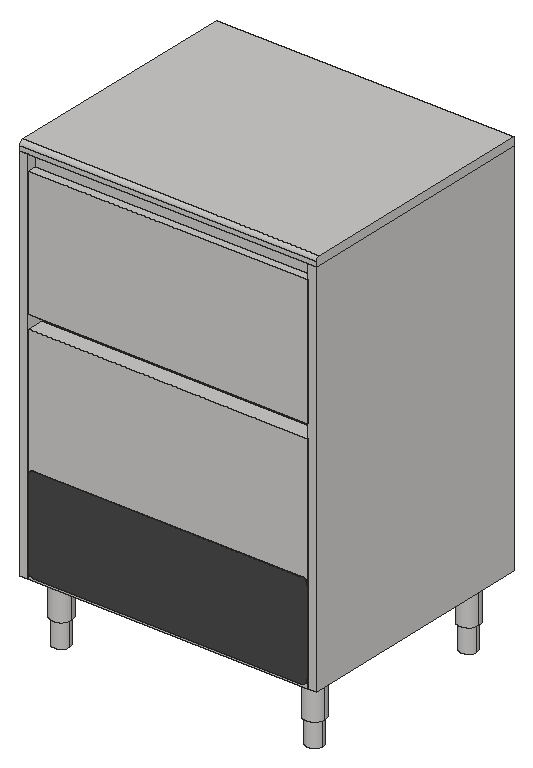
Revit family "QF_ZANUSSI_730323_ICB83I35SDP", category Attrezzature speciali, Revit 2018
Family settings
  Quota connettore circolare = Usa diametro
  Tipo di parte = Normale
  Basato su piano di lavoro = No
  Sempre verticale = Sì
  Taglio con vuoti quando caricato = No
  Condiviso = No
  Punto di calcolo locali = No
Parameters (values of type "Standard")
  Weight = 70.00 kg
  Watts = 0 W
  Volts = 220 V
  URL Manufacturer = "http://www.zanussiprofessional.com"
  URL = "http://www.zanussiprofessional.com"
  Steam Supply Size = 0 mm
  Steam Supply Minimum Pressure = 0.0 Pa
  Steam Supply Maximum Pressure = 0.0 Pa
  Steam Pounds per Hour = 0
  Show Logo [instance] = yes
  Show Clearance [instance] = yes
  Refrigeration Suction Line Size = 0 mm
  Refrigeration Liquid Line Size = 0 mm
  Refrigerant Compressor Remote = yes
  Produttore = "Zanussi"
  Phase = 1
  Modello = "ICB83I35SDP"
  Length Actual = 715 mm  # constant formula
  Item Number = "730323"
  Hot Water Size = 0 mm
  Height Actual = 1044 mm  # constant formula
  HP = "0 HP"
  Gas Size = 0 mm
  Gas KW = 0
  Gas Input Pressure = 0 W
  Descrizione = "AIR COOLED ICE CUBER 22GR 83KG/24H-BIN 35KG DRAIN PUMP"
  Depth Actual = 595 mm  # constant formula
  Cycle = 50 Hz
  Condensate Return Size = 0 mm
  Compressed Air Volume = 0.0 L/s
  Compressed Air Size = 0 mm
  Compressed Air Pressure = 0.0 Pa
  Cold Water Size = 19.05 mm
  Accessory = yes
Reference planes
  plane 1 "Center X": y = 272.851
  plane 2: z = 0
  plane 3 "Center Y": x = -501.5
  plane 4 "LEFT": x = -859
  plane 5 "RIGHT": x = -144
  plane 6 "FRONT": y = -24.649
  plane 7 "BACK": y = 570.351
  plane 8: z = 155
  plane 9: z = 1094
  plane 10: z = 1074
  plane 11: x = -839
  plane 12: x = -164
  plane 13: y = 15.351
Forms (mm)
  Extrusion 1, solid, material "QF_Finishes_Black"
    sketch origin (-217.296, -24.649, 371.513) x (-1, 0, 0) y (0, 0, -1)
      loop
        arc (606.704, -21.487) -> (617.311, -17.093) -> (621.704, -6.487) r 15
        line (621.704, -6.487) -> (621.704, 194.469)
        arc (621.704, 194.469) -> (617.311, 205.075) -> (606.704, 209.469) r 15
        line (606.704, 209.469) -> (-38.296, 209.469)
        arc (-38.296, 209.469) -> (-48.903, 205.075) -> (-53.296, 194.469) r 15
        line (-53.296, 194.469) -> (-53.296, -6.487)
        arc (-53.296, -6.487) -> (-48.903, -17.093) -> (-38.296, -21.487) r 15
        line (-38.296, -21.487) -> (606.704, -21.487)
    from 0 to 2
  Extrusion 2, solid, material "QF_Finishes_Stainless Steel"
    sketch origin (-501.5, 0, 0) x (0, 1, 0) y (0, 0, 1)
      loop
        line (570.351, 1074) -> (570.351, 1094) -> (-14.649, 1094)
        arc (-14.649, 1094) -> (-21.72, 1091.071) -> (-24.649, 1084) r 10
        line (-24.649, 1084) -> (-24.649, 1074) -> (570.351, 1074)
    from -357.5 to 357.5
  Extrusion 3, solid, material "QF_Finishes_Stainless Steel"
    sketch origin (-450.7, 570.351, -329.545) x (1, 0, 0) y (0, 0, -1)
      loop
        circle (233.2, -655.545) r 10
    from 0 to 10
  Extrusion 4, solid, material "QF_Finishes_Stainless Steel"
    sketch origin (0, 0, 0) x (1, 0, 0) y (0, 1, 0)
      loop
        line (-859, 570.351) -> (-859, -24.649) -> (-839, -24.649) -> (-839, 570.351) -> (-859, 570.351)
    from 155 to 1074
  Extrusion 5, solid, material "QF_Finishes_Stainless Steel"
    sketch origin (0, 0, 0) x (1, 0, 0) y (0, 1, 0)
      loop
        line (-164, 570.351) -> (-164, -24.649) -> (-144, -24.649) -> (-144, 570.351) -> (-164, 570.351)
    from 155 to 1074
  Extrusion 6, solid, material "QF_Finishes_Stainless Steel"
    sketch origin (0, 0, 0) x (1, 0, 0) y (0, 1, 0)
      loop
        line (-839, 570.351) -> (-839, 15.351) -> (-164, 15.351) -> (-164, 570.351) -> (-839, 570.351)
    from 155 to 1074
  Extrusion 7, solid, material "QF_Finishes_Stainless Steel"
    sketch origin (0, 0, 0) x (1, 0, 0) y (0, 1, 0)
      loop
        line (-839, -24.649) -> (-164, -24.649) -> (-164, 15.351) -> (-839, 15.351) -> (-839, -24.649)
    from 155 to 695.994
  Extrusion 8, solid, material "QF_Finishes_Stainless Steel"
    sketch origin (-501.5, 0, 0) x (0, 1, 0) y (0, 0, 1)
      loop
        line (15.351, 1074) -> (-4.649, 1074) -> (-4.649, 1038) -> (-24.649, 1038) -> (-24.649, 728.028) -> (-4.649, 728.028) -> (-4.649, 713.028) -> (15.351, 713.028) -> (15.351, 1074)
    from -337.5 to 337.5
  Extrusion 9, solid, material "QF_Finishes_Stainless Steel"
    sketch origin (-428.2, 570.351, -440.545) x (1, 0, 0) y (0, 0, -1)
      loop
        circle (233.2, -655.545) r 10
    from 0 to 10
  Extrusion 10, solid, material "QF_Finishes_Stainless Steel"
    sketch origin (-487.7, 570.351, -361.545) x (1, 0, 0) y (0, 0, -1)
      loop
        circle (233.2, -655.545) r 10
    from 0 to 10
Lines and regions (mm)
  Split face 1
    outline origin (-501.5, -4.649, 1074) x (0, 0, -1) y (1, 0, 0)
      loop
        line (5.715, 214.928) -> (30.715, 214.928) -> (30.715, 254.928) -> (5.715, 254.928) -> (5.715, 214.928)
  symbolic lines
    curve 1: line (-859, 570.351, 0) -> (-144, 570.351, 0)
    curve 2: line (-859, -24.649, 0) -> (-859, 570.351, 0)
    curve 3: line (-144, -24.649, 0) -> (-859, -24.649, 0)
    curve 4: line (-144, 570.351, 0) -> (-144, -24.649, 0)
Dimensions and locks
  equal spacing: plane 4 "LEFT", plane 3 "Center Y", plane 5 "RIGHT"
  plane 4 "LEFT" to plane 5 "RIGHT" = 715 mm
  equal spacing: plane 7 "BACK", plane 1 "Center X", plane 6 "FRONT"
  plane 7 "BACK" to plane 6 "FRONT" = 595 mm
  plane 8 to plane 2 = 155 mm
  plane 9 to plane 8 = 939 mm
  locked: plane 4 "LEFT" to plane 11 at 20
  locked: plane 12 to plane 5 "RIGHT" at 20
  locked: plane 9 to plane 10 at 20
  locked: plane 13 to plane 6 "FRONT" at 40
  aligned and locked: level to plane 2
  aligned and locked: plane 5 "RIGHT" to Extrusion 2
  aligned and locked: Extrusion 2 to plane 4 "LEFT"
  aligned and locked: Extrusion 4 sketch curve to Extrusion 2  (x2)
  aligned and locked: plane 6 "FRONT" to Extrusion 4 sketch curve
  aligned and locked: Extrusion 4 sketch curve to plane 11
  aligned and locked: Extrusion 5 sketch curve to plane 7 "BACK"
  aligned and locked: plane 12 to Extrusion 5 sketch curve
  aligned and locked: Extrusion 5 sketch curve to Extrusion 2  (x2)
  aligned and locked: plane 10 to Extrusion 4
  aligned and locked: plane 10 to Extrusion 5
  aligned and locked: Extrusion 4 to plane 8
  aligned and locked: Extrusion 5 to plane 8
  aligned and locked: Extrusion 6 sketch curve to Extrusion 4
  aligned and locked: Extrusion 4 to Extrusion 6 sketch curve
  aligned and locked: plane 13 to Extrusion 6 sketch curve
  aligned and locked: Extrusion 6 sketch curve to plane 12
  aligned and locked: plane 10 to Extrusion 6
  aligned and locked: Extrusion 6 to plane 8
  aligned and locked: Extrusion 4 to Extrusion 7 sketch curve
  aligned and locked: Extrusion 7 sketch curve to Extrusion 4
  aligned and locked: plane 13 to Extrusion 7 sketch curve
  aligned and locked: plane 12 to Extrusion 7 sketch curve
  aligned and locked: Extrusion 7 to plane 8
  aligned and locked: plane 12 to Extrusion 8
  aligned and locked: Extrusion 8 to plane 11
Automatic sketch dimensions
  curve 3 to plane 4 "LEFT" = 0 mm
  curve 3 to plane 5 "RIGHT" = 0 mm
  curve 3 to plane 6 "FRONT" = 0 mm
  curve 2 to plane 7 "BACK" = 0 mm
  Extrusion 1 sketch curve to plane 12 = 0 mm
  plane 8 to Extrusion 1 sketch curve = 7.044 mm
  Extrusion 1 sketch curve to Extrusion 1 sketch curve = 15 mm  (x3)
  plane 11 to Extrusion 1 sketch curve = 15 mm  (x2)
  Extrusion 1 sketch curve to Extrusion 1 sketch curve = 200.956 mm
  Extrusion 2 sketch curve to plane 6 "FRONT" = 0 mm
  Extrusion 2 sketch curve to plane 9 = 0 mm
  Extrusion 2 sketch curve to plane 7 "BACK" = 0 mm
  Extrusion 2 sketch curve to plane 10 = 0 mm
  plane 6 "FRONT" to Extrusion 2 sketch curve = 10 mm
  Extrusion 6 to Extrusion 3 sketch curve = 171 mm
  Extrusion 3 sketch curve to Extrusion 6 = 53.5 mm
  Split face 1 sketch curve to Extrusion 8 = 5.715 mm
  Extrusion 8 to Split face 1 sketch curve = 5.285 mm
  Split face 1 sketch curve to Extrusion 8 = 122.572 mm
  Split face 1 sketch curve to Split face 1 sketch curve = 40 mm
  Extrusion 9 sketch curve to Extrusion 6 = 31 mm
  Extrusion 6 to Extrusion 9 sketch curve = 60 mm
  Extrusion 10 sketch curve to Extrusion 6 = 90.5 mm
  Extrusion 6 to Extrusion 10 sketch curve = 139 mm
  Extrusion 8 sketch curve to plane 6 "FRONT" = 0 mm
  Extrusion 8 sketch curve to plane 10 = 0 mm
  Extrusion 8 sketch curve to plane 13 = 0 mm
  Extrusion 8 sketch curve to Extrusion 8 sketch curve = 20 mm  (x2)
  Extrusion 8 sketch curve to plane 10 = 36 mm
  Extrusion 8 sketch curve to Extrusion 8 sketch curve = 309.972 mm
  Extrusion 8 sketch curve to Extrusion 8 sketch curve = 15 mm
  radius of Extrusion 3 sketch curve = 10 mm
  radius of Extrusion 9 sketch curve = 10 mm
  radius of Extrusion 10 sketch curve = 10 mm
Nested families
  nested 1: "Foot_Complete" at (-807, 35.351, 0), type "Foot_Complete"
    with H 155 mm
  nested 2: "Foot_Complete" at (-196, 35.351, 0) x (-1, 0, 0) z (0, 0, 1), type "Foot_Complete"
    with H 155 mm
  nested 3: "Foot_Complete" at (-807, 499.351, 0), type "Foot_Complete"
    with H 155 mm
  nested 4: "Foot_Complete" at (-196, 499.351, 0) x (-1, 0, 0) z (0, 0, 1), type "Foot_Complete"
    with H 155 mm
Connectors
  electrical at (-195, 580.351, 215), driven by "Volts"
    settings: on Extrusion 9, index 1, voltage 220 V, apparent load 0 VA, apparent load phase1 0 VA, apparent load phase2 0 VA, apparent load phase3 0 VA, power factor 1, load classification "Altro", number of poles 1, system type 30, power factor state 1, is connector primary yes, connector utility no, sub classification motor no, connector description "Electrical Connection"
  piping at (-217.5, 580.351, 326), diameter 20
    settings: on Extrusion 3, index 2, connector inside diameter 609.6 mm, connector length 0 mm, flow factor 0, pipe flow 0.0 L/s, pressure drop 0.0 Pa, fitting loss kfactor 0, connector angle 0.00°, fixture units 0, engagement length 0 mm, angle of deflection 0.00°, flow configuration 0, flow direction 0, fitting loss method 0, system type 20, joint type 0, gender type 0, connector reference index -1, connector utility 0, adjustable connector no, is connector primary yes, connector description "Cold water"
  piping at (-254.5, 580.351, 294), diameter 20
    settings: on Extrusion 10, index 3, connector inside diameter 609.6 mm, connector length 0 mm, flow factor 0, pipe flow 0.0 L/s, pressure drop 0.0 Pa, fitting loss kfactor 0, connector angle 0.00°, fixture units 0, engagement length 0 mm, angle of deflection 0.00°, flow configuration 0, flow direction 0, fitting loss method 0, system type 16, joint type 0, gender type 0, connector reference index -1, connector utility 0, adjustable connector no, is connector primary no, connector description "Drain"
Definition of nested family "Foot_Complete"
  Parameters (values of type "Foot_Complete")
    R = 25 mm
    H = 153 mm
  Reference planes
    plane 1 "Centro (Fronte/Retro)": y = 0
    plane 2: z = 0
    plane 3 "Centro (Sinistra/Destra)": x = 0
    plane 4: z = 153
  Forms (mm)
    Revolve 1, solid
      sketch origin (255.05, 0, 608.09) x (0, 0, 1) y (-1, 0, 0)
        loop
          line (-608.09, 255.05) -> (-608.09, 235.05) -> (-548.09, 235.05) -> (-548.09, 230.05) -> (-455.09, 230.05) -> (-455.09, 255.05) -> (-608.09, 255.05)
        axis (-608.09, 255.05) -> (-455.09, 255.05)
      angle from 0 to 360
  Dimensions and locks
    level to Revolve 1 sketch curve = 60 mm
    "R": Revolve 1 sketch curve to plane 3 "Centro (Sinistra/Destra)"
    "H": plane 4 to level
    aligned and locked: level to plane 2
    aligned and locked: plane 4 to Revolve 1 sketch curve
    aligned and locked: Revolve 1 sketch curve to level
    aligned and locked: plane 3 "Centro (Sinistra/Destra)" to Revolve 1 sketch curve
  Automatic sketch dimensions
    Revolve 1 sketch curve to plane 3 "Centro (Sinistra/Destra)" = 0 mm
    plane 3 "Centro (Sinistra/Destra)" to Revolve 1 sketch curve = 20 mm
    Revolve 1 sketch curve to Revolve 1 sketch curve = 50 mm
    Revolve 1 sketch curve to Revolve 1 sketch curve = 20 mm
